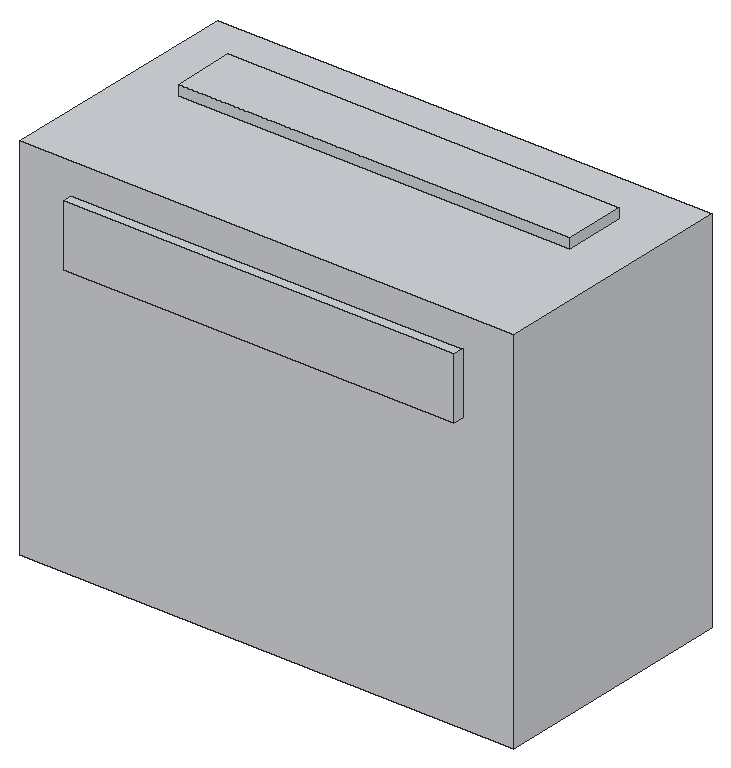
Revit family "c9988a810011474eb9a50a3ac54c2092", category Air Terminals, host Face, Revit 2021
Family settings
  Host = Face
  Round Connector Dimension = Use Diameter
  Part Type = Normal
  OmniClass Number = 23.40.40.14.21.11
  OmniClass Title = Food Service Hoods
  Seek Item ID = Grease Hood - Front and Bottom Discharge - Compensating - Wall-0000-USA-ENU
  Cut with Voids When Loaded = No
  Shared = No
  Room Calculation Point = No
Parameters (values of type "Standard")
  Voltage = 120 V
  Supply Pressure Drop [instance] = 0.55 in-wg
  Supply Air Width [instance] = 18"
  Supply Air Height [instance] = 8"
  Supply Air Flow [instance] = 1250 CFM
  Number of Poles = 1
  Load Classification = Cooling
  Hood Width [instance] = 3' - 0"
  Hood Material = none
  Hood Length [instance] = 4' - 0"
  Hood Height [instance] = 2' - 0"
  Half Hood Width [instance] = 1 / 2 * Hood Width  # 1' - 6"
  Half Hood Length [instance] = 1 / 2 * Hood Length  # 2' - 0"
  Exhaust Pressure Drop [instance] = 0.25 in-wg
  Exhaust Air Width [instance] = 18"
  Exhaust Air Height [instance] = 8"
  Exhaust Air Flow [instance] = 50 FPM * Hood Width * Hood Length  # 600 CFM
  Default Elevation = 3' - 0"
  C2 Offset 2 [instance] = 1' - 3"
  C2 Offset 1 [instance] = 0' - 1"
  C1 Offset 2 [instance] = 1' - 3"
  C1 Offset 1 [instance] = 0' - 1 5/8"
  Apparent Load [instance] = 65.00 W/ft² * Hood Width * Hood Length  # 780 VA
Reference planes (in)
  plane 1 "Center (Front/Back)": y = 0
  plane 2: z = 0
  plane 3 "Center (Left/Right)": x = 0
  plane 4: x = -24
  plane 5: x = 24
  plane 6: y = -1
  plane 7: y = 24
  plane 8: y = 25
  plane 9: x = -19
  plane 10: x = 19
  plane 11: z = 36
  plane 12: z = 18
  plane 13: z = 33
  plane 14: z = 27
  plane 15: z = 35
  plane 16: z = 1.625
  plane 17: x = -9
  plane 18: x = -9
  plane 19: y = 19
  plane 20: y = 13
  plane 21: z = 37
  plane 22: x = -18
Forms (in)
  Extrusion 1, solid, material <- "Hood Material"
    sketch origin (0, 0, 0) x (1, 0, 0) y (0, 1, 0)
      loop
        line (-24, 24) -> (-24, 0) -> (24, 0) -> (24, 24) -> (-24, 24)
    from 0 to 36
  Extrusion 2, solid, material <- "Hood Material"
    sketch origin (0, 0, 0) x (1, 0, 0) y (0, 0, 1)
      loop
        line (-19, 33) -> (-19, 27) -> (19, 27) -> (19, 33) -> (-19, 33)
    from 0 to 1
  Extrusion 3, solid, material <- "Hood Material"
    sketch origin (0, 0, 0) x (1, 0, 0) y (0, 0, 1)
      loop
        line (9, 35) -> (-9, 35) -> (-9, 27) -> (9, 27) -> (9, 35)
      loop
        line (-9, 1.625) -> (9, 1.625) -> (9, 9.625) -> (-9, 9.625) -> (-9, 1.625)
    from -25 to -24
  Extrusion 4, solid, material <- "Hood Material"
    sketch origin (0, 0, 0) x (1, 0, 0) y (0, 1, 0)
      loop
        line (-19, 19) -> (-19, 13) -> (19, 13) -> (19, 19) -> (-19, 19)
    from 36 to 37
  Extrusion 5, solid, material <- "Hood Material"
    sketch origin (0, 0, 0) x (1, 0, 0) y (0, 0, 1)
      loop
        circle (-18, 18) r 1
    from -24 to 0
Cuts and joins
  joined: Extrusion 1, Extrusion 2, Extrusion 3, Extrusion 4, Extrusion 5
Dimensions and locks (in)
  equal spacing: plane 4, plane 3 "Center (Left/Right)", plane 5
  locked: plane 1 "Center (Front/Back)" to plane 6 at 1
  "Hood Height": plane 1 "Center (Front/Back)" to plane 7
  locked: plane 8 to plane 7 at 1
  locked: plane 4 to plane 9 at 5
  locked: plane 10 to plane 5 at 5
  equal spacing: plane 11, plane 12, plane 2
  "Hood Width": plane 11 to plane 2
  locked: plane 11 to plane 13 at 3
  locked: plane 13 to plane 14 at 6
  "C2 Offset 1": plane 15 to plane 11
  "C1 Offset 1": plane 2 to plane 16
  "C2 Offset 2": plane 4 to plane 17
  "C1 Offset 2": plane 4 to plane 18
  "Supply Air Width": Extrusion 3 sketch curve to Extrusion 3 sketch curve
  "Supply Air Height": Extrusion 3 sketch curve to Extrusion 3 sketch curve
  "Exhaust Air Width": Extrusion 3 sketch curve to Extrusion 3 sketch curve
  "Exhaust Air Height": Extrusion 3 sketch curve to Extrusion 3 sketch curve
  locked: plane 7 to plane 19 at 5
  locked: plane 19 to plane 20 at 6
  locked: plane 21 to plane 11 at 1
  "Half Hood Length": plane 4 to plane 3 "Center (Left/Right)"
  locked: plane 4 to plane 22 at 6
  radius of Extrusion 5 sketch curve = 0' - 1"
  aligned and locked: host face to plane 2
  aligned and locked: host face to level
  aligned and locked: plane 4 to Extrusion 1 sketch curve
  aligned and locked: Extrusion 1 sketch curve to plane 7
  aligned and locked: plane 1 "Center (Front/Back)" to Extrusion 1 sketch curve
  aligned and locked: Extrusion 1 sketch curve to plane 5
  aligned and locked: plane 11 to Extrusion 1
  aligned and locked: Extrusion 1 to plane 2
  aligned and locked: plane 9 to Extrusion 2 sketch curve
  aligned and locked: Extrusion 2 sketch curve to plane 13
  aligned and locked: plane 14 to Extrusion 2 sketch curve
  aligned and locked: Extrusion 2 sketch curve to plane 10
  aligned and locked: plane 15 to Extrusion 3 sketch curve
  aligned and locked: plane 17 to Extrusion 3 sketch curve
  aligned and locked: plane 16 to Extrusion 3 sketch curve
  aligned and locked: Extrusion 3 sketch curve to plane 18
  aligned and locked: Extrusion 2 to plane 1 "Center (Front/Back)"
  aligned and locked: Extrusion 2 to plane 6
  aligned and locked: plane 8 to Extrusion 3
  aligned and locked: Extrusion 3 to plane 7
  aligned and locked: plane 9 to Extrusion 4 sketch curve
  aligned and locked: Extrusion 4 sketch curve to plane 19
  aligned and locked: plane 20 to Extrusion 4 sketch curve
  aligned and locked: Extrusion 4 sketch curve to plane 10
  aligned and locked: plane 21 to Extrusion 4
  aligned and locked: Extrusion 4 to Extrusion 1
  aligned and locked: plane 12 to Extrusion 5 sketch curve
  aligned and locked: plane 22 to Extrusion 5 sketch curve
  aligned and locked: plane 7 to Extrusion 5
  aligned and locked: plane 1 "Center (Front/Back)" to Extrusion 5
Automatic sketch dimensions
  host sketch curve to host sketch curve = 17' - 2.95707"
  host sketch curve to host sketch curve = 14' - 3.71218"
Connectors (in)
  hvac at (0, 25, 5.625), driven by "Exhaust Pressure Drop", driven by "Exhaust Air Flow", driven by "Exhaust Air Height", driven by "Exhaust Air Width"
    settings: on Extrusion 3, index 1, duct flow 600 CFM, flow factor 0, pres drop 0.25 in-wg, loss coef 0, conn angle 0.00°, conn width 18", conn height 8", conn diameter 24", duct sys type 3, conn prof type 1, flow config 1, flow direction 2, loss method 4, conn ref index -1, conn util no, is conn primary yes, conn desc ""
  hvac at (0, 25, 31), driven by "Supply Pressure Drop", driven by "Supply Air Flow", driven by "Supply Air Height", driven by "Supply Air Width"
    settings: on Extrusion 3, index 2, duct flow 1250 CFM, flow factor 0, pres drop 0.55 in-wg, loss coef 0, conn angle 0.00°, conn width 18", conn height 8", conn diameter 24", duct sys type 1, conn prof type 1, flow config 1, flow direction 1, loss method 4, conn ref index -1, conn util no, is conn primary no, conn desc ""
  electrical at (-18, 24, 18), driven by "Apparent Load", driven by "Voltage", driven by "Number of Poles", driven by "Load Classification"
    settings: on Extrusion 5, index 3, voltage 120 V, apparent load 780 VA, apparent load phase1 0 VA, apparent load phase2 0 VA, apparent load phase3 0 VA, power factor 0.8, load classification "Cooling", number of poles 1, system type 30, power factor state 1, is connector primary yes, connector utility no, sub classification motor no, connector description ""
